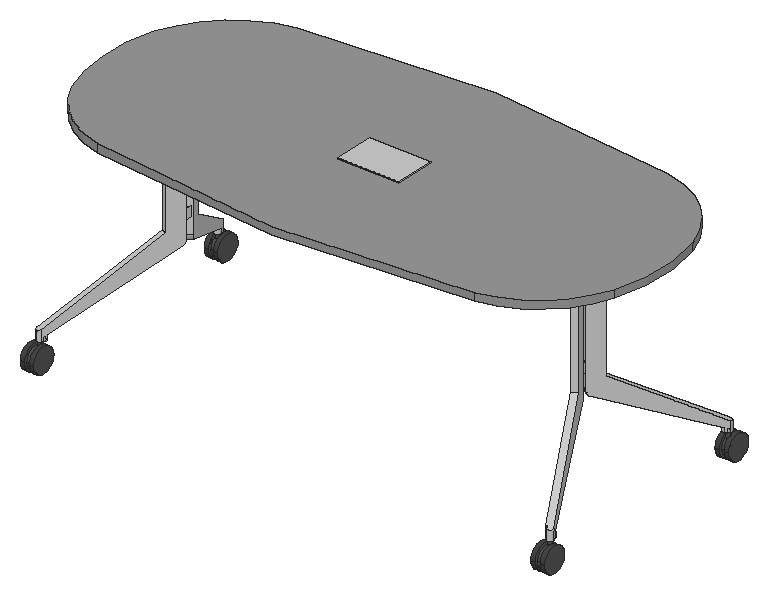
Revit family "Haworth_Planes_CollaborativeTable_Pebble_AP_PRELIMINARY", category Furniture, Revit 2019
Family settings
  OmniClass Number = 23.40.70.14.64.21
  OmniClass Title = Systems Furniture
  Work Plane-Based = No
  Always vertical = Yes
  Cut with Voids When Loaded = No
  Shared = No
  Room Calculation Point = No
Parameters (values of type "1800w x 900d")
  Width = 1800 mm
  Warranty = "http://www.haworth.com/resources/product-info/warranties"
  URL - Product = "https://www.haworth.com/ap/en/products/conference-tables/planes-0.html"
  Trim Finish = Haworth _ Polymer _ Undecided
  Top Finish [instance] = Haworth _ Laminate _ Undecided _ Tables
  Support Finish [instance] = Haworth _ Paint _ Undecided _ Table
  Small = Depth = 750 mm  # no
  Screen Width = Actual Width - 500 mm  # 1300 mm
  Model = "WOPLTAP"  # constant formula
  Min. Width = 1500 mm  # constant formula
  Min. Depth = 750 mm  # constant formula
  Max. Width = 1800 mm  # constant formula
  Max. Depth = 900 mm  # constant formula
  Leg Height = Actual Height - 25 mm  # 715 mm
  Large = Depth = 900 mm  # yes
  Glides = no
  Flip Top Finish = Haworth _ Paint _ Undecided _ Table
  Flip Top = yes
  Description = "Haworth - Planes - Collaborative Table - Pebble"  # constant formula
  URL = "https://www.haworth.com/ap/en.html"
  Size = "Verify Final Dim. w/ Haworth"  # constant formula
  Revision Number = "1"  # constant formula
  Manufacturer = "Haworth"  # constant formula
  Depth = 900 mm
  Casters = not(Glides)  # yes
  Caster Finish = Haworth _ Polymer _ Black
  Author = "Haworth (Abd Rahman)"  # constant formula
  Assembly Code = "E2020200"
  Actual Width = if(Width > Max. Width, Max. Width, if(Width < Min. Width, Min. Width, Width))  # 1800 mm
  Actual Height = 740 mm  # constant formula
  Actual Depth = if(Depth > Max. Depth, Max. Depth, if(Depth < Min. Depth, Min. Depth, Depth))  # 900 mm
  1800w x 900d = yes
  1800w x 750d = no
  1600w x 900d = no
  1600w x 750d = no
  1500w x 900d = no
  1500w x 750d = no
Reference planes
  plane 1 "Center F/B": y = 0
  plane 2: z = 0
  plane 3 "Top": z = 740
  plane 4: x = 0
  plane 5: z = 715
  plane 6: x = -900
  plane 7: x = 900
  plane 8: y = 450
  plane 9: y = -450
  plane 10: x = -640
  plane 11: x = 640
  plane 12: y = -400
  plane 13: x = 850
  plane 14: y = 400
  plane 15: x = -850
Dimensions and locks
  "Actual Height": plane 3 "Top" to level
  "Actual Width": plane 6 to plane 7
  equal spacing: plane 6, plane 4, plane 7
  equal spacing: plane 8, plane 1 "Center F/B", plane 9
  "Actual Depth": plane 8 to plane 9
  locked: plane 3 "Top" to plane 5 at 25
  plane 6 to plane 10 = 260 mm
  plane 11 to plane 7 = 260 mm
  locked: plane 6 to plane 15 at 50
  locked: plane 13 to plane 7 at 50
  locked: plane 12 to plane 9 at 50
  locked: plane 14 to plane 8 at 50
  aligned and locked: nested 1 to plane 4
  aligned and locked: plane 1 "Center F/B" to nested 1
  aligned and locked: plane 3 "Top" to nested 1
  aligned and locked: nested 2 to plane 10
  aligned and locked: nested 3 to plane 11
  aligned and locked: nested 3 to plane 1 "Center F/B"
  aligned and locked: plane 1 "Center F/B" to nested 2
  aligned and locked: plane 2 to nested 2
  aligned and locked: plane 2 to nested 3
  aligned and locked: nested 4 to plane 4
  aligned and locked: plane 1 "Center F/B" to nested 4
  aligned and locked: plane 5 to nested 4
  aligned and locked: nested 5 to plane 4
  aligned and locked: plane 1 "Center F/B" to nested 5
  aligned and locked: nested 5 to plane 3 "Top"
  aligned and locked: nested 6 to plane 10
  aligned and locked: nested 7 to plane 11
  aligned and locked: nested 7 to plane 1 "Center F/B"
  aligned and locked: plane 1 "Center F/B" to nested 6
  aligned and locked: plane 2 to nested 6
  aligned and locked: plane 2 to nested 7
Nested families
  nested 1: "Haworth_Planes_Top_Pebble_AP-PART" at (556.859, 72.1, 5), Top Finish <- "Top Finish", type "Pebble - Top"
    with Top Finish Haworth _ Laminate _ Undecided _ Tables, 1800w x 750d no, 1600w x 900d no, 1600w x 750d no, 1500w x 900d no, 1500w x 750d no
  nested 2: "Haworth_Planes_Leg-Y" at (-640, 0, 0), visible <- "Small", type "Leg"
    with Leg Height 715 mm
  nested 3: "Haworth_Planes_Leg-Y" at (640, 0, 0) x (-1, 0, 0) z (0, 0, 1), visible <- "Small", type "Leg"
    with Leg Height 715 mm
  nested 4: "Haworth_Planes_Beam_Understructure-PART" at (0, 29.1, 0), Support Finish <- "Support Finish", type "Beam Understructure"
    with Support Finish Haworth _ Paint _ Undecided _ Table, Actual Width 1300 mm
  nested 5: "Haworth-Flip Top" at (-14.487, -1.333, -60), visible <- "Flip Top", type "Flip Top - Visio"
    with Actual Width 200 mm, Actual Depth 130 mm
  nested 6: "Haworth_Planes_Leg-Y_Large-PART" at (-640, 0, 0), visible <- "Large", type "Leg"
    with Leg Height 715 mm
  nested 7: "Haworth_Planes_Leg-Y_Large-PART" at (640, 0, 0) x (-1, 0, 0) z (0, 0, 1), visible <- "Large", type "Leg"
    with Leg Height 715 mm
Definition of nested family "Haworth_Planes_Top_Pebble_AP-PART"
  Parameters (values of type "Pebble - Top")
    Warranty = "http://www.haworth.com/resources/product-info/warranties"
    URL - Product = ""
    URL = ""
    Top Finish [instance] = none
    Thickness = 25 mm
    Size = "Verify Final Dim. w/ Haworth"  # constant formula
    Revision Number = "1"  # constant formula
    Model = ""
    Manufacturer = "Haworth"  # constant formula
    Description = ""
    Author = "Haworth (Abd Rahman)"  # constant formula
    Assembly Code = "E2020200"
    Actual Width = 1800 mm
    Actual Mounting Height = 450 mm
    Actual Depth = 900 mm
    1800w x 900d = yes
    1800w x 750d = yes
    1600w x 900d = yes
    1600w x 750d = yes
    1500w x 900d = yes
    1500w x 750d = yes
  Reference planes
    plane 1: z = -5
    plane 2: x = -1456.859
    plane 3: x = 343.141
    plane 4: x = -556.859
    plane 5: y = 377.9
    plane 6: y = -522.1
    plane 7: y = -72.1
    plane 8: z = 735
    plane 9: z = 710
    plane 10: y = 302.9
    plane 11: y = -447.1
  Forms (mm)
    Extrusion 1, solid, material <- "Top Finish", visible <- "1500w x 900d"
      sketch origin (3350.119, 5452.905, -5) x (1, 0, 0) y (0, 1, 0)
        loop
          arc (-4423.707, -5150.269) -> (-4518.933, -5208.322) -> (-4593.3, -5291.435) r 381.478
          arc (-4593.3, -5291.435) -> (-4648.673, -5525) -> (-4593.3, -5758.565) r 520.276
          arc (-4593.3, -5758.565) -> (-4519.476, -5842.33) -> (-4423.707, -5899.731) r 363.434
          arc (-4423.707, -5899.731) -> (-3899.947, -5974.908) -> (-3376.186, -5899.731) r 1862.101
          arc (-3376.186, -5899.731) -> (-3280.948, -5841.693) -> (-3206.594, -5758.565) r 381.039
          arc (-3206.594, -5758.565) -> (-3150.205, -5525) -> (-3206.594, -5291.435) r 511.916
          arc (-3206.594, -5291.435) -> (-3280.703, -5208.013) -> (-3376.186, -5150.269) r 372.68
          arc (-3376.186, -5150.269) -> (-3899.947, -5075.005) -> (-4423.707, -5150.269) r 1860.047
      from 715 to 740
    Extrusion 2, solid, material <- "Top Finish", visible <- "1500w x 750d"
      sketch origin (3343.425, 5400.868, -5) x (1, 0, 0) y (0, 1, 0)
        loop
          arc (-4420.285, -5143.547) -> (-4525.57, -5184.106) -> (-4607.434, -5261.747) r 290.244
          arc (-4607.434, -5261.747) -> (-4657.776, -5472.905) -> (-4607.434, -5684.064) r 468.023
          arc (-4607.434, -5684.064) -> (-4524.451, -5760.459) -> (-4420.908, -5805.195) r 337.029
          arc (-4420.908, -5805.195) -> (-3908.931, -5847.447) -> (-3396.953, -5805.195) r 3122.977
          arc (-3396.953, -5805.195) -> (-3292.347, -5760.14) -> (-3209.972, -5681.485) r 321.987
          arc (-3209.972, -5681.485) -> (-3158.682, -5472.143) -> (-3209.972, -5262.802) r 452.868
          arc (-3209.972, -5262.802) -> (-3285.914, -5190.016) -> (-3380.285, -5143.547) r 344.414
          arc (-3380.285, -5143.547) -> (-3900.285, -5098.692) -> (-4420.285, -5143.547) r 3036.549
      from 715 to 740
    Extrusion 3, solid, material <- "Top Finish", visible <- "1600w x 750d"
      sketch origin (695.334, 5527.509, -5) x (1, 0, 0) y (0, 1, 0)
        loop
          arc (-1814.171, -5267.71) -> (-1918.788, -5312.347) -> (-2001.417, -5390.511) r 322.672
          arc (-2001.417, -5390.511) -> (-2051.509, -5600) -> (-2001.417, -5809.489) r 463.101
          arc (-2001.417, -5809.489) -> (-1918.925, -5887.862) -> (-1814.171, -5932.29) r 318.953
          arc (-1814.171, -5932.29) -> (-1252.193, -5974.873) -> (-690.216, -5932.29) r 3729.519
          arc (-690.216, -5932.29) -> (-586.289, -5887.627) -> (-503.69, -5810.342) r 328.296
          arc (-503.69, -5810.342) -> (-453.585, -5599.592) -> (-503.69, -5388.842) r 468.282
          arc (-503.69, -5388.842) -> (-586.705, -5312.496) -> (-690.216, -5267.71) r 338.02
          arc (-690.216, -5267.71) -> (-1252.193, -5225.332) -> (-1814.171, -5267.71) r 3747.397
      from 715 to 740
    Extrusion 4, solid, material <- "Top Finish", visible <- "1600w x 900d"
      sketch origin (-2095.549, 5603.118, -5) x (1, 0, 0) y (0, 1, 0)
        loop
          arc (1008.697, -5290.825) -> (866.749, -5366.327) -> (777.227, -5499.877) r 330.484
          arc (777.227, -5499.877) -> (746.741, -5671.787) -> (775.092, -5844.062) r 518.074
          arc (775.092, -5844.062) -> (869.919, -5986.888) -> (1022.197, -6065.645) r 341.543
          arc (1022.197, -6065.645) -> (1541.899, -6124.423) -> (2061.789, -6067.328) r 2360.759
          arc (2061.789, -6067.328) -> (2224.018, -5982.502) -> (2322.222, -5828.003) r 354.183
          arc (2322.222, -5828.003) -> (2345.661, -5667.141) -> (2317.274, -5507.077) r 509.836
          arc (2317.274, -5507.077) -> (2225.391, -5368.095) -> (2078.357, -5289.741) r 338.683
          arc (2078.357, -5289.741) -> (1543.461, -5225.22) -> (1008.697, -5290.825) r 2230.717
      from 715 to 740
    Extrusion 5, solid, material <- "Top Finish", visible <- "1800w x 750d"
      sketch origin (-4704.907, 5524.591, -5) x (1, 0, 0) y (0, 1, 0)
        loop
          arc (3486.504, -5267.374) -> (3379.934, -5307.118) -> (3301.007, -5389.016) r 256.633
          arc (3301.007, -5389.016) -> (3249.041, -5566.639) -> (3275.895, -5749.749) r 433.485
          arc (3275.895, -5749.749) -> (3365.033, -5872.117) -> (3504.263, -5931.57) r 285
          arc (3504.263, -5931.57) -> (4159.372, -5973.386) -> (4813.804, -5922.059) r 4626.229
          arc (4813.804, -5922.059) -> (4940.948, -5865.216) -> (5020.515, -5750.911) r 260
          arc (5020.515, -5750.911) -> (5046.692, -5603.273) -> (5024.66, -5454.961) r 466.302
          arc (5024.66, -5454.961) -> (4936.966, -5324.827) -> (4793.035, -5262.308) r 280
          arc (4793.035, -5262.308) -> (4139.605, -5222.44) -> (3486.504, -5267.374) r 5053.647
      from 715 to 740
    Extrusion 6, solid, material <- "Top Finish", visible <- "1800w x 900d"
      sketch origin (-7304.72, 5607.595, -5) x (1, 0, 0) y (0, 1, 0)
        loop
          arc (6142.561, -5280.818) -> (5974.684, -5362.521) -> (5872.826, -5518.992) r 349.479
          arc (5872.826, -5518.992) -> (5849.264, -5698.785) -> (5889.258, -5875.649) r 516.798
          arc (5889.258, -5875.649) -> (5982.986, -6000.267) -> (6124.481, -6065.794) r 320
          arc (6124.481, -6065.794) -> (6738.43, -6124.42) -> (7352.7, -6069.259) r 3342.856
          arc (7352.7, -6069.259) -> (7519.342, -5988.881) -> (7621.724, -5834.775) r 350
          arc (7621.724, -5834.775) -> (7647.482, -5677.616) -> (7623.606, -5520.159) r 510.989
          arc (7623.606, -5520.159) -> (7521.09, -5362.78) -> (7352.181, -5280.637) r 351.576
          arc (7352.181, -5280.637) -> (6747.363, -5225.418) -> (6142.561, -5280.818) r 3334.471
      from 715 to 740
  Lines and regions (mm)
    Masking region 1, visible <- "1500w x 750d"
      outline origin (5483.425, 5400.868, -5) x (1, 0, 0) y (0, 1, 0)
        loop
          arc (-5520.285, -5143.547) -> (-6040.285, -5098.692) -> (-6560.285, -5143.547) r 3036.549
          arc (-6560.285, -5143.547) -> (-6665.57, -5184.106) -> (-6747.434, -5261.747) r 290.244
          arc (-6747.434, -5261.747) -> (-6797.776, -5472.905) -> (-6747.434, -5684.064) r 468.023
          arc (-6747.434, -5684.064) -> (-6664.451, -5760.459) -> (-6560.908, -5805.195) r 337.029
          arc (-6560.908, -5805.195) -> (-6048.931, -5847.447) -> (-5536.953, -5805.195) r 3122.977
          arc (-5536.953, -5805.195) -> (-5432.347, -5760.14) -> (-5349.972, -5681.485) r 321.987
          arc (-5349.972, -5681.485) -> (-5298.682, -5472.143) -> (-5349.972, -5262.802) r 452.868
          arc (-5349.972, -5262.802) -> (-5425.914, -5190.016) -> (-5520.285, -5143.547) r 344.414
    Masking region 2, visible <- "1500w x 900d"
      outline origin (3350.119, 5452.905, -5) x (1, 0, 0) y (0, 1, 0)
        loop
          arc (-3376.186, -5150.269) -> (-3899.947, -5075.005) -> (-4423.707, -5150.269) r 1860.047
          arc (-4423.707, -5150.269) -> (-4518.933, -5208.322) -> (-4593.3, -5291.435) r 381.478
          arc (-4593.3, -5291.435) -> (-4648.673, -5525) -> (-4593.3, -5758.565) r 520.276
          arc (-4593.3, -5758.565) -> (-4519.476, -5842.33) -> (-4423.707, -5899.731) r 363.434
          arc (-4423.707, -5899.731) -> (-3899.947, -5974.908) -> (-3376.186, -5899.731) r 1862.101
          arc (-3376.186, -5899.731) -> (-3280.948, -5841.693) -> (-3206.594, -5758.565) r 381.039
          arc (-3206.594, -5758.565) -> (-3150.205, -5525) -> (-3206.594, -5291.435) r 511.916
          arc (-3206.594, -5291.435) -> (-3280.703, -5208.013) -> (-3376.186, -5150.269) r 372.68
    Masking region 3, visible <- "1600w x 750d"
      outline origin (695.334, 5527.509, -5) x (1, 0, 0) y (0, 1, 0)
        loop
          arc (-690.216, -5267.71) -> (-1252.193, -5225.332) -> (-1814.171, -5267.71) r 3747.397
          arc (-1814.171, -5267.71) -> (-1918.788, -5312.347) -> (-2001.417, -5390.511) r 322.672
          arc (-2001.417, -5390.511) -> (-2051.509, -5600) -> (-2001.417, -5809.489) r 463.101
          arc (-2001.417, -5809.489) -> (-1918.925, -5887.862) -> (-1814.171, -5932.29) r 318.953
          arc (-1814.171, -5932.29) -> (-1252.193, -5974.873) -> (-690.216, -5932.29) r 3729.519
          arc (-690.216, -5932.29) -> (-586.289, -5887.627) -> (-503.69, -5810.342) r 328.296
          arc (-503.69, -5810.342) -> (-453.585, -5599.592) -> (-503.69, -5388.842) r 468.282
          arc (-503.69, -5388.842) -> (-586.705, -5312.496) -> (-690.216, -5267.71) r 338.02
    Masking region 4, visible <- "1600w x 900d"
      outline origin (-2095.549, 5603.118, -5) x (1, 0, 0) y (0, 1, 0)
        loop
          arc (2119.482, -5300.269) -> (1545.721, -5225.218) -> (971.961, -5300.269) r 2230.717
          arc (971.961, -5300.269) -> (876.424, -5357.949) -> (802.368, -5441.435) r 370.916
          arc (802.368, -5441.435) -> (746.731, -5675) -> (802.368, -5908.565) r 518.074
          arc (802.368, -5908.565) -> (898.181, -6009.707) -> (1025.452, -6066.383) r 356.35
          arc (1025.452, -6066.383) -> (1545.721, -6124.426) -> (2065.991, -6066.383) r 2360.759
          arc (2065.991, -6066.383) -> (2192.454, -6008.566) -> (2289.074, -5908.565) r 374.203
          arc (2289.074, -5908.565) -> (2345.722, -5675) -> (2289.074, -5441.435) r 509.836
          arc (2289.074, -5441.435) -> (2214.407, -5358.684) -> (2119.482, -5300.269) r 392.328
    Masking region 5, visible <- "1800w x 750d"
      outline origin (-4704.907, 5524.591, -5) x (1, 0, 0) y (0, 1, 0)
        loop
          arc (4809.784, -5264.454) -> (4148.048, -5222.415) -> (3486.504, -5267.374) r 5053.647
          arc (3486.504, -5267.374) -> (3379.934, -5307.118) -> (3301.007, -5389.016) r 256.633
          arc (3301.007, -5389.016) -> (3247.994, -5596.744) -> (3301.007, -5804.471) r 433.485
          arc (3301.007, -5804.471) -> (3381.343, -5884.669) -> (3485.829, -5929.033) r 298.197
          arc (3485.829, -5929.033) -> (4170.199, -5973.295) -> (4853.592, -5915.898) r 4626.229
          arc (4853.592, -5915.898) -> (4932.888, -5870.976) -> (4997.031, -5806.233) r 332.898
          arc (4997.031, -5806.233) -> (5046.737, -5596.744) -> (4997.031, -5387.254) r 466.302
          arc (4997.031, -5387.254) -> (4914.089, -5309.568) -> (4809.784, -5264.454) r 331.545
    Masking region 6, visible <- "1800w x 900d"
      outline origin (-7304.72, 5607.595, -5) x (1, 0, 0) y (0, 1, 0)
        loop
          arc (7368.13, -5283.617) -> (6747.86, -5225.418) -> (6127.591, -5283.617) r 3334.471
          arc (6127.591, -5283.617) -> (6000.974, -5341.217) -> (5904.507, -5441.435) r 370.648
          arc (5904.507, -5441.435) -> (5848.717, -5675) -> (5904.507, -5908.565) r 516.798
          arc (5904.507, -5908.565) -> (5998.856, -6011.778) -> (6127.591, -6066.383) r 328.421
          arc (6127.591, -6066.383) -> (6747.86, -6124.433) -> (7368.13, -6066.383) r 3342.856
          arc (7368.13, -6066.383) -> (7495.029, -6009.254) -> (7590.871, -5908.351) r 360.843
          arc (7590.871, -5908.351) -> (7647.491, -5674.934) -> (7591.214, -5441.435) r 510.989
          arc (7591.214, -5441.435) -> (7494.937, -5340.947) -> (7368.13, -5283.617) r 366.347
  Dimensions and locks
    equal spacing: plane 2, plane 4, plane 3
    equal spacing: plane 6, plane 7, plane 5
    "Actual Width": plane 2 to plane 3
    "Actual Depth": plane 6 to plane 5
    plane 8 to plane 9 = 25 mm  (x2)
    equal spacing: plane 10, plane 7, plane 11
    plane 10 to plane 11 = 750 mm
    aligned and locked: level to plane 1
    aligned and locked: plane 8 to Extrusion 3
    aligned and locked: plane 8 to Extrusion 4
    aligned and locked: plane 8 to Extrusion 5
    aligned and locked: plane 8 to Extrusion 1
    aligned and locked: plane 8 to Extrusion 2
    aligned and locked: plane 8 to Extrusion 6
    aligned and locked: Extrusion 2 to plane 8
    aligned and locked: Extrusion 1 to plane 8
    aligned and locked: Extrusion 6 to plane 8
    aligned and locked: Extrusion 3 to plane 9
    aligned and locked: Extrusion 4 to plane 9
    aligned and locked: Extrusion 5 to plane 9
    aligned and locked: Extrusion 1 to plane 9
    aligned and locked: Extrusion 6 to plane 9
    aligned and locked: Extrusion 2 to plane 9
  Automatic sketch dimensions
    Extrusion 1 sketch curve to plane 2 = 520.011 mm
    Extrusion 1 sketch curve to Extrusion 1 sketch curve = 12.086 mm
    Extrusion 1 sketch curve to Extrusion 1 sketch curve = 146.485 mm
    Extrusion 1 sketch curve to Extrusion 1 sketch curve = 387.021 mm
    Extrusion 1 sketch curve to Extrusion 1 sketch curve = 228.45 mm
    Extrusion 1 sketch curve to Extrusion 1 sketch curve = 466.276 mm
    Extrusion 1 sketch curve to Extrusion 1 sketch curve = 137.402 mm
    Extrusion 1 sketch curve to Extrusion 1 sketch curve = 5.592 mm
    plane 6 to Extrusion 1 sketch curve = 960.047 mm
    Extrusion 1 sketch curve to Extrusion 1 sketch curve = 1372.051 mm
    Extrusion 1 sketch curve to Extrusion 1 sketch curve = 14.168 mm
    Extrusion 1 sketch curve to Extrusion 1 sketch curve = 23.834 mm
    Extrusion 1 sketch curve to Extrusion 1 sketch curve = 38.002 mm
    Extrusion 1 sketch curve to Extrusion 1 sketch curve = 61.483 mm
    Extrusion 1 sketch curve to Extrusion 1 sketch curve = 54.386 mm
    Extrusion 1 sketch curve to Extrusion 1 sketch curve = 1412.193 mm
    Extrusion 1 sketch curve to Extrusion 1 sketch curve = 148.826 mm
    Extrusion 1 sketch curve to Extrusion 1 sketch curve = 136.739 mm
    Extrusion 1 sketch curve to Extrusion 1 sketch curve = 169.592 mm  (x4)
    Extrusion 1 sketch curve to Extrusion 1 sketch curve = 148.532 mm
    Extrusion 1 sketch curve to Extrusion 1 sketch curve = 142.94 mm
    Extrusion 2 sketch curve to plane 2 = 429.703 mm
    Extrusion 2 sketch curve to Extrusion 2 sketch curve = 29.689 mm
    Extrusion 2 sketch curve to Extrusion 2 sketch curve = 151.139 mm
    Extrusion 2 sketch curve to Extrusion 2 sketch curve = 461.651 mm
    Extrusion 2 sketch curve to Extrusion 2 sketch curve = 289.468 mm
    Extrusion 2 sketch curve to Extrusion 2 sketch curve = 128.089 mm
    Extrusion 2 sketch curve to Extrusion 2 sketch curve = 13.448 mm
    plane 6 to Extrusion 2 sketch curve = 2212.273 mm
    Extrusion 2 sketch curve to Extrusion 2 sketch curve = 13.804 mm
    Extrusion 2 sketch curve to Extrusion 2 sketch curve = 4.897 mm
    Extrusion 2 sketch curve to Extrusion 2 sketch curve = 19.463 mm
    Extrusion 2 sketch curve to Extrusion 2 sketch curve = 0 mm  (x2)
    Extrusion 2 sketch curve to Extrusion 2 sketch curve = 48.299 mm
    Extrusion 2 sketch curve to plane 6 = 3198.498 mm
    Extrusion 2 sketch curve to Extrusion 2 sketch curve = 49.703 mm
    Extrusion 2 sketch curve to Extrusion 2 sketch curve = 80.016 mm
    Extrusion 2 sketch curve to Extrusion 2 sketch curve = 186.526 mm
    Extrusion 2 sketch curve to Extrusion 2 sketch curve = 187.149 mm
    Extrusion 2 sketch curve to Extrusion 2 sketch curve = 73.06 mm
    Extrusion 2 sketch curve to Extrusion 2 sketch curve = 103.177 mm
    Extrusion 2 sketch curve to Extrusion 2 sketch curve = 186.982 mm
    Extrusion 2 sketch curve to Extrusion 2 sketch curve = 170.313 mm
    Extrusion 2 sketch curve to Extrusion 2 sketch curve = 327.392 mm
    Extrusion 3 sketch curve to plane 2 = 408.184 mm
    Extrusion 3 sketch curve to Extrusion 3 sketch curve = 2.176 mm
    Extrusion 3 sketch curve to plane 2 = 563.785 mm
    Extrusion 3 sketch curve to plane 2 = 900 mm  (x2)
    Extrusion 3 sketch curve to Extrusion 3 sketch curve = 151.064 mm
    Extrusion 3 sketch curve to Extrusion 3 sketch curve = 4.868 mm
    plane 6 to Extrusion 3 sketch curve = 2923.12 mm
    Extrusion 3 sketch curve to Extrusion 3 sketch curve = 3351.58 mm
    Extrusion 3 sketch curve to Extrusion 3 sketch curve = 8.304 mm
    Extrusion 3 sketch curve to Extrusion 3 sketch curve = 21.149 mm
    Extrusion 3 sketch curve to Extrusion 3 sketch curve = 13.253 mm
    Extrusion 3 sketch curve to Extrusion 3 sketch curve = 16.862 mm
    Extrusion 3 sketch curve to Extrusion 3 sketch curve = 38.98 mm
    Extrusion 3 sketch curve to plane 6 = 3804.254 mm
    Extrusion 3 sketch curve to Extrusion 3 sketch curve = 70.162 mm
    Extrusion 3 sketch curve to Extrusion 3 sketch curve = 72.338 mm
    Extrusion 3 sketch curve to Extrusion 3 sketch curve = 187.247 mm  (x2)
    plane 4 to Extrusion 3 sketch curve = 561.977 mm  (x2)
    plane 4 to Extrusion 3 sketch curve = 748.504 mm  (x2)
    Extrusion 3 sketch curve to Extrusion 3 sketch curve = 311.14 mm
    Masking region 1 sketch curve to plane 2 = 429.703 mm
    Masking region 1 sketch curve to Masking region 1 sketch curve = 29.689 mm
    Masking region 1 sketch curve to Masking region 1 sketch curve = 151.139 mm
    Masking region 1 sketch curve to Masking region 1 sketch curve = 461.651 mm
    Masking region 1 sketch curve to Masking region 1 sketch curve = 289.468 mm
    Masking region 1 sketch curve to Masking region 1 sketch curve = 578.202 mm
    Masking region 1 sketch curve to Masking region 1 sketch curve = 128.089 mm
    Masking region 1 sketch curve to Masking region 1 sketch curve = 13.448 mm
    plane 6 to Masking region 1 sketch curve = 2212.273 mm
    Masking region 1 sketch curve to Masking region 1 sketch curve = 2643.635 mm
    Masking region 1 sketch curve to Masking region 1 sketch curve = 13.804 mm
    Masking region 1 sketch curve to Masking region 1 sketch curve = 4.897 mm
    Masking region 1 sketch curve to Masking region 1 sketch curve = 19.463 mm  (x2)
    Masking region 1 sketch curve to Masking region 1 sketch curve = 48.299 mm
    Masking region 1 sketch curve to plane 6 = 3198.498 mm
    Masking region 1 sketch curve to Masking region 1 sketch curve = 49.703 mm
    Masking region 1 sketch curve to Masking region 1 sketch curve = 0 mm
    Masking region 1 sketch curve to Masking region 1 sketch curve = 80.016 mm
    Masking region 1 sketch curve to Masking region 1 sketch curve = 186.526 mm
    Masking region 1 sketch curve to Masking region 1 sketch curve = 187.149 mm
    Masking region 1 sketch curve to Masking region 1 sketch curve = 73.06 mm
    Masking region 1 sketch curve to Masking region 1 sketch curve = 103.177 mm
    Masking region 1 sketch curve to Masking region 1 sketch curve = 186.982 mm
    Masking region 2 sketch curve to plane 2 = 520.011 mm
    Masking region 2 sketch curve to Masking region 2 sketch curve = 12.086 mm
    Masking region 2 sketch curve to Masking region 2 sketch curve = 146.485 mm
    Masking region 2 sketch curve to Masking region 2 sketch curve = 387.021 mm
    Masking region 2 sketch curve to Masking region 2 sketch curve = 228.45 mm
    Masking region 2 sketch curve to Masking region 2 sketch curve = 466.276 mm
    Masking region 2 sketch curve to Masking region 2 sketch curve = 137.402 mm
    Masking region 2 sketch curve to Masking region 2 sketch curve = 5.592 mm
    plane 6 to Masking region 2 sketch curve = 960.047 mm
    Masking region 2 sketch curve to Masking region 2 sketch curve = 1372.051 mm
    Masking region 2 sketch curve to Masking region 2 sketch curve = 14.168 mm
    Masking region 2 sketch curve to Masking region 2 sketch curve = 23.834 mm
    Masking region 2 sketch curve to Masking region 2 sketch curve = 38.002 mm
    Masking region 2 sketch curve to Masking region 2 sketch curve = 61.483 mm
    Masking region 2 sketch curve to Masking region 2 sketch curve = 54.386 mm
    Masking region 2 sketch curve to Masking region 2 sketch curve = 1412.193 mm
    Masking region 2 sketch curve to Masking region 2 sketch curve = 148.826 mm
    Masking region 2 sketch curve to Masking region 2 sketch curve = 136.739 mm
    Masking region 2 sketch curve to Masking region 2 sketch curve = 169.592 mm  (x4)
    Masking region 2 sketch curve to Masking region 2 sketch curve = 148.532 mm
    Masking region 2 sketch curve to Masking region 2 sketch curve = 142.94 mm
    Masking region 3 sketch curve to plane 2 = 408.184 mm
    Masking region 3 sketch curve to Masking region 3 sketch curve = 2.176 mm
    Masking region 3 sketch curve to plane 2 = 563.785 mm
    Masking region 3 sketch curve to plane 2 = 900 mm  (x2)
    plane 4 to Masking region 3 sketch curve = 330.326 mm
    Masking region 3 sketch curve to Masking region 3 sketch curve = 151.064 mm
    Masking region 3 sketch curve to Masking region 3 sketch curve = 4.868 mm
    plane 6 to Masking region 3 sketch curve = 2923.12 mm
    Masking region 3 sketch curve to Masking region 3 sketch curve = 3351.58 mm
    Masking region 3 sketch curve to Masking region 3 sketch curve = 8.304 mm
    Masking region 3 sketch curve to Masking region 3 sketch curve = 21.149 mm
    Masking region 3 sketch curve to Masking region 3 sketch curve = 13.253 mm
    Masking region 3 sketch curve to Masking region 3 sketch curve = 16.862 mm
    Masking region 3 sketch curve to Masking region 3 sketch curve = 38.98 mm
    Masking region 3 sketch curve to plane 6 = 3804.254 mm
    Masking region 3 sketch curve to Masking region 3 sketch curve = 72.338 mm
    Masking region 3 sketch curve to Masking region 3 sketch curve = 70.162 mm
    Masking region 3 sketch curve to Masking region 3 sketch curve = 187.247 mm  (x2)
    plane 4 to Masking region 3 sketch curve = 561.977 mm  (x2)
    plane 4 to Masking region 3 sketch curve = 748.504 mm  (x2)
    plane 3 to Masking region 4 sketch curve = 1334.705 mm
    Masking region 4 sketch curve to Masking region 4 sketch curve = 9.734 mm
    Masking region 4 sketch curve to Masking region 4 sketch curve = 151.087 mm
    plane 3 to Masking region 4 sketch curve = 892.968 mm  (x2)
    Masking region 4 sketch curve to Masking region 4 sketch curve = 571.08 mm
    Masking region 4 sketch curve to Masking region 4 sketch curve = 127.529 mm
    Masking region 4 sketch curve to Masking region 4 sketch curve = 12.925 mm
    plane 6 to Masking region 4 sketch curve = 1330.717 mm
    Masking region 4 sketch curve to Masking region 4 sketch curve = 1737.141 mm
    Masking region 4 sketch curve to Masking region 4 sketch curve = 15.716 mm
    Masking region 4 sketch curve to Masking region 4 sketch curve = 28.078 mm
    Masking region 4 sketch curve to Masking region 4 sketch curve = 43.795 mm
    Masking region 4 sketch curve to Masking region 4 sketch curve = 42.859 mm
    Masking region 4 sketch curve to Masking region 4 sketch curve = 75.767 mm
    Masking region 4 sketch curve to Masking region 4 sketch curve = 1879.361 mm
    Masking region 4 sketch curve to Masking region 4 sketch curve = 78.533 mm
    Masking region 4 sketch curve to Masking region 4 sketch curve = 0 mm
    Masking region 4 sketch curve to Masking region 4 sketch curve = 141.758 mm
    Masking region 4 sketch curve to Masking region 4 sketch curve = 223.083 mm  (x2)
    Masking region 4 sketch curve to Masking region 4 sketch curve = 169.592 mm
    Masking region 4 sketch curve to Masking region 4 sketch curve = 89.652 mm
    Masking region 4 sketch curve to Masking region 4 sketch curve = 156.068 mm
    plane 3 to Masking region 5 sketch curve = 1527.383 mm
    Masking region 5 sketch curve to Masking region 5 sketch curve = 27.335 mm
    Masking region 5 sketch curve to Masking region 5 sketch curve = 133.48 mm
    Masking region 5 sketch curve to plane 6 = 4699.411 mm
    plane 3 to Masking region 5 sketch curve = 922.276 mm
    plane 3 to Masking region 5 sketch curve = 888.847 mm
    Masking region 5 sketch curve to Masking region 5 sketch curve = 898.956 mm
    Masking region 5 sketch curve to Masking region 5 sketch curve = 150.261 mm
    Masking region 5 sketch curve to Masking region 5 sketch curve = 1.57 mm
    Masking region 5 sketch curve to Masking region 5 sketch curve = 4174.444 mm
    Masking region 5 sketch curve to Masking region 5 sketch curve = 65.086 mm
    Masking region 5 sketch curve to Masking region 5 sketch curve = 75.02 mm
    Masking region 5 sketch curve to Masking region 5 sketch curve = 9.934 mm
    Masking region 5 sketch curve to Masking region 5 sketch curve = 19.705 mm
    Masking region 5 sketch curve to Masking region 5 sketch curve = 115.666 mm
    Masking region 5 sketch curve to Masking region 5 sketch curve = 4638.66 mm
    Masking region 5 sketch curve to Masking region 5 sketch curve = 34.161 mm
    Masking region 5 sketch curve to Masking region 5 sketch curve = 0 mm
    Masking region 5 sketch curve to Masking region 5 sketch curve = 62.17 mm
    Masking region 5 sketch curve to Masking region 5 sketch curve = 184.822 mm
    Masking region 5 sketch curve to Masking region 5 sketch curve = 185.496 mm
    Masking region 5 sketch curve to Masking region 5 sketch curve = 77.517 mm
    Masking region 5 sketch curve to Masking region 5 sketch curve = 122.895 mm
    Masking region 5 sketch curve to Masking region 5 sketch curve = 187.247 mm
    plane 3 to Masking region 6 sketch curve = 1459.331 mm
    Masking region 6 sketch curve to Masking region 6 sketch curve = 26.506 mm
    Masking region 6 sketch curve to Masking region 6 sketch curve = 150.479 mm
    Masking region 6 sketch curve to Masking region 6 sketch curve = 559.331 mm
    Masking region 6 sketch curve to plane 6 = 3348.118 mm
    Masking region 6 sketch curve to Masking region 6 sketch curve = 532.825 mm
    Masking region 6 sketch curve to Masking region 6 sketch curve = 770.987 mm
    Masking region 6 sketch curve to Masking region 6 sketch curve = 146.858 mm
    Masking region 6 sketch curve to Masking region 6 sketch curve = 2.869 mm
    Masking region 6 sketch curve to Masking region 6 sketch curve = 2858.444 mm
    Masking region 6 sketch curve to Masking region 6 sketch curve = 3.781 mm
    Masking region 6 sketch curve to Masking region 6 sketch curve = 34.538 mm
    Masking region 6 sketch curve to Masking region 6 sketch curve = 31.198 mm
    Masking region 6 sketch curve to Masking region 6 sketch curve = 74.937 mm
    Masking region 6 sketch curve to Masking region 6 sketch curve = 99.863 mm
    Masking region 6 sketch curve to Masking region 6 sketch curve = 2816.224 mm
    Masking region 6 sketch curve to Masking region 6 sketch curve = 87.445 mm
    Masking region 6 sketch curve to Masking region 6 sketch curve = 60.939 mm
    Masking region 6 sketch curve to Masking region 6 sketch curve = 0 mm
    Masking region 6 sketch curve to Masking region 6 sketch curve = 223.083 mm  (x2)
    Masking region 6 sketch curve to Masking region 6 sketch curve = 81.901 mm
    Masking region 6 sketch curve to Masking region 6 sketch curve = 84.77 mm
    Masking region 6 sketch curve to Masking region 6 sketch curve = 222.741 mm
    Extrusion 6 sketch curve to plane 4 = 0 mm  (x2)
    Extrusion 6 sketch curve to plane 7 = 4.695 mm
    Extrusion 6 sketch curve to plane 4 = 382.346 mm
    Extrusion 6 sketch curve to plane 7 = 55.204 mm
    Extrusion 6 sketch curve to Extrusion 6 sketch curve = 159.513 mm
    plane 7 to Extrusion 6 sketch curve = 71.713 mm
    Extrusion 6 sketch curve to Extrusion 6 sketch curve = 21.847 mm
    Extrusion 6 sketch curve to plane 7 = 5.135 mm
    plane 4 to Extrusion 6 sketch curve = 388.641 mm
    plane 7 to Extrusion 6 sketch curve = 45.341 mm
    plane 6 to Extrusion 6 sketch curve = 2430.195 mm
    Extrusion 6 sketch curve to plane 5 = 2448.118 mm
    plane 10 to Extrusion 6 sketch curve = 23.877 mm
    Extrusion 6 sketch curve to Extrusion 6 sketch curve = 0 mm  (x6)
    Extrusion 6 sketch curve to plane 11 = 11.1 mm
    Extrusion 6 sketch curve to plane 7 = 53.303 mm
    Extrusion 6 sketch curve to Extrusion 6 sketch curve = 151.961 mm
    Extrusion 6 sketch curve to Extrusion 6 sketch curve = 0.91 mm
    Extrusion 4 sketch curve to plane 7 = 63.629 mm
    Extrusion 4 sketch curve to plane 2 = 449.568 mm
    plane 7 to Extrusion 4 sketch curve = 57.388 mm
    Extrusion 4 sketch curve to Extrusion 4 sketch curve = 9.68 mm
    Extrusion 4 sketch curve to plane 7 = 0.219 mm  (x2)
    plane 4 to Extrusion 4 sketch curve = 7.032 mm  (x2)
    plane 4 to Extrusion 4 sketch curve = 297.196 mm
    plane 7 to Extrusion 4 sketch curve = 46.493 mm
    Extrusion 4 sketch curve to Extrusion 4 sketch curve = 148.479 mm
    Extrusion 4 sketch curve to plane 7 = 56.591 mm
    Extrusion 4 sketch curve to Extrusion 4 sketch curve = 13.125 mm
    plane 6 to Extrusion 4 sketch curve = 1330.717 mm
    Extrusion 4 sketch curve to plane 5 = 1461.552 mm
    Extrusion 4 sketch curve to plane 11 = 15.427 mm
    Extrusion 4 sketch curve to Extrusion 4 sketch curve = 0 mm  (x6)
    plane 10 to Extrusion 4 sketch curve = 9.393 mm
    Extrusion 4 sketch curve to Extrusion 4 sketch curve = 166.868 mm
    Extrusion 5 sketch curve to plane 7 = 74.968 mm
    Extrusion 5 sketch curve to plane 2 = 272.617 mm
    plane 7 to Extrusion 5 sketch curve = 52.463 mm
    Extrusion 5 sketch curve to Extrusion 5 sketch curve = 21.887 mm
    plane 7 to Extrusion 5 sketch curve = 0.053 mm  (x2)
    Extrusion 5 sketch curve to Extrusion 5 sketch curve = 138.928 mm
    Extrusion 5 sketch curve to plane 4 = 22.276 mm
    plane 4 to Extrusion 5 sketch curve = 11.153 mm
    plane 4 to Extrusion 5 sketch curve = 432.388 mm
    plane 7 to Extrusion 5 sketch curve = 68.259 mm
    plane 6 to Extrusion 5 sketch curve = 4229.358 mm
    Extrusion 5 sketch curve to plane 5 = 3799.411 mm
    plane 11 to Extrusion 5 sketch curve = 40.121 mm
    Extrusion 5 sketch curve to Extrusion 5 sketch curve = 0 mm  (x5)
    Extrusion 5 sketch curve to plane 10 = 45.683 mm
    Extrusion 5 sketch curve to plane 2 = 52.96 mm
    Extrusion 5 sketch curve to plane 7 = 56.594 mm
    Extrusion 5 sketch curve to Extrusion 5 sketch curve = 177.481 mm
    Extrusion 5 sketch curve to Extrusion 5 sketch curve = 17.219 mm
Definition of nested family "Haworth_Planes_Leg-Y"
  Parameters (values of type "Leg")
    Leg Height = 774.7 mm
    Leg Finish = none
    Glides = no
    Casters = yes
    Caster Finish = none
    Assembly Code = ""
  Reference planes
    plane 1 "Center (Front/Back)": y = 0
    plane 2: z = 0
    plane 3 "Center (Left/Right)": x = 0
    plane 4 "Top of Leg": z = 774.7
    plane 5 "Y Leg Stand": x = -149.225
    plane 6 "Left Y Leg": through (-4.476, 15.493, 1219.2) normal (-0.8829, -0.4695, 0)
    plane 7 "Left Post": x = -14.287
    plane 8 "Left Support": y = 287.729
    plane 9: through (-4.476, -15.493, 1219.2) normal (0.8829, -0.4695, 0)
    plane 10: y = -287.729
  Forms (mm)
    Extrusion 1, solid, material <- "Leg Finish"
      sketch origin (-13.106, 0, 0) x (1, 0, 0) y (0, 0, 1)
        loop
          line (7.144, 346.075) -> (7.144, 377.825) -> (-1.181, 377.825) -> (-1.181, 346.075) -> (7.144, 346.075)
      from -25.4 to 25.4
    Extrusion 2, solid, material <- "Leg Finish"
      sketch origin (-4.476, 15.493, 1219.2) x (0.469468, -0.88295, 0) y (0, 0, -1)
        loop
          line (-50.8, 882.657) -> (-50.8, 444.5) -> (0, 444.5) -> (0, 873.308) -> (-2.538, 909.601)
          arc (-2.538, 909.601) -> (-6.012, 920.969) -> (-14.114, 929.665) r 26.437
          line (-14.114, 929.665) -> (-299.087, 1116.593) -> (-321.132, 1116.593) -> (-321.132, 1102.547) -> (-50.8, 882.657)
      from -11.113 to 11.113
    Extrusion 3, void
      sketch origin (18.686, 21.929, 0) x (0.88295, 0.469468, 0) y (-0.469468, 0.88295, 0)
        loop
          arc (-34.584, 313.517) -> (-23.472, 324.63) -> (-12.359, 313.517) r 11.112
          line (-12.359, 313.517) -> (-7.908, 313.517) -> (-7.908, 327.429) -> (-39.035, 327.429) -> (-39.035, 313.517) -> (-34.584, 313.517)
      from 81.937 to 140.104
    Revolve 4, solid, material <- "Leg Finish", visible <- "Glides"
      sketch origin (-149.466, -1.061, 0) x (-0.000803, -1, 0) y (0, 0, 1)
        loop
          line (-288.79, 87.312) -> (-288.79, 0) -> (-263.39, 0) -> (-263.39, 4.762) -> (-277.678, 4.762) -> (-277.678, 87.312) -> (-288.79, 87.312)
        axis (-288.79, 87.312) -> (-288.79, 0)
      angle from 0 to 360
    Extrusion 5, solid, material <- "Leg Finish"
      sketch origin (18.686, 21.929, 0) x (0.88295, 0.469468, 0) y (-0.469468, 0.88295, 0)
        loop
          circle (-23.472, 313.517) r 11.112
      from 87.312 to 102.607
    Extrusion 6, solid, material <- "Leg Finish"
      sketch origin (-4.476, -15.493, 1219.2) x (0.469468, 0.88295, 0) y (0, 0, 1)
        loop
          line (-50.8, -882.657) -> (-321.132, -1102.547) -> (-321.132, -1116.593) -> (-299.087, -1116.593) -> (-14.114, -929.665)
          arc (-14.114, -929.665) -> (-6.012, -920.969) -> (-2.538, -909.601) r 26.437
          line (-2.538, -909.601) -> (0, -873.308) -> (0, -444.5) -> (-50.8, -444.5) -> (-50.8, -882.657)
      from -11.113 to 11.113
    Extrusion 7, void
      sketch origin (18.686, -21.929, 0) x (0.88295, -0.469468, 0) y (0.469468, 0.88295, 0)
        loop
          line (-34.584, -313.517) -> (-39.035, -313.517) -> (-39.035, -327.429) -> (-7.908, -327.429) -> (-7.908, -313.517) -> (-12.359, -313.517)
          arc (-12.359, -313.517) -> (-23.472, -324.63) -> (-34.584, -313.517) r 11.112
      from 81.937 to 140.104
    Revolve 8, solid, material <- "Leg Finish", visible <- "Glides"
      sketch origin (-149.448, 1.061, 0) x (-0.000803, 1, 0) y (0, 0, -1)
        loop
          line (-288.79, -87.312) -> (-277.678, -87.312) -> (-277.678, -4.762) -> (-263.39, -4.762) -> (-263.39, 0) -> (-288.79, 0) -> (-288.79, -87.312)
        axis (-288.79, -87.312) -> (-288.79, 0)
      angle from 0 to 360
    Extrusion 9, solid, material <- "Leg Finish"
      sketch origin (18.686, -21.929, 0) x (0.88295, -0.469468, 0) y (0.469468, 0.88295, 0)
        loop
          circle (-23.472, -313.517) r 11.112
      from 87.312 to 102.607
  Cuts and joins
    Extrusion 3, Extrusion 7 cuts Extrusion 1
    Extrusion 3, Extrusion 7 cuts Extrusion 2
    Extrusion 7 cuts Extrusion 5
    Extrusion 7 cuts Extrusion 6
    Extrusion 7 cuts Extrusion 9
    joined: Extrusion 1, Extrusion 2, Extrusion 5, Extrusion 6, Extrusion 9
    Extrusion 7 cuts Revolve 4
    Extrusion 7 cuts Revolve 8
  Dimensions and locks
    "Leg Height": plane 4 "Top of Leg" to level
    plane 5 "Y Leg Stand" to plane 3 "Center (Left/Right)" = 149.225 mm
    locked: plane 7 "Left Post" to plane 3 "Center (Left/Right)" at 14.288
  Automatic sketch dimensions
    plane 7 "Left Post" to Extrusion 1 sketch curve = 0 mm
    Extrusion 1 sketch curve to plane 3 "Center (Left/Right)" = 5.962 mm
    level to Extrusion 1 sketch curve = 346.075 mm
    Extrusion 1 sketch curve to Extrusion 1 sketch curve = 31.75 mm
    plane 4 "Top of Leg" to Extrusion 2 sketch curve = 0 mm
    Extrusion 2 sketch curve to level = 116.653 mm
    Extrusion 2 sketch curve to level = 102.607 mm
    Extrusion 2 sketch curve to Extrusion 2 sketch curve = 22.044 mm
    Extrusion 2 sketch curve to Extrusion 2 sketch curve = 270.332 mm
    Extrusion 2 sketch curve to Extrusion 2 sketch curve = 21.89 mm
    Extrusion 2 sketch curve to level = 289.535 mm
    Extrusion 2 sketch curve to Extrusion 2 sketch curve = 14.796 mm
    Extrusion 2 sketch curve to level = 309.599 mm
    Extrusion 2 sketch curve to Extrusion 2 sketch curve = 11.576 mm
    Extrusion 2 sketch curve to Extrusion 2 sketch curve = 50.8 mm
    Extrusion 2 sketch curve to Extrusion 2 sketch curve = 25.1 mm
    Extrusion 2 sketch curve to Extrusion 2 sketch curve = 36.294 mm
    Extrusion 3 sketch curve to plane 5 "Y Leg Stand" = 0 mm
    Extrusion 3 sketch curve to plane 6 "Left Y Leg" = 0 mm
    Extrusion 3 sketch curve to plane 6 "Left Y Leg" = 11.112 mm
    Extrusion 3 sketch curve to Extrusion 3 sketch curve = 4.451 mm  (x2)
    Extrusion 3 sketch curve to Extrusion 3 sketch curve = 13.912 mm
    Revolve 4 sketch curve to level = 0 mm
    level to Revolve 4 sketch curve = 87.093 mm
    Revolve 4 sketch curve to Revolve 4 sketch curve = 0 mm
    level to Revolve 4 sketch curve = 4.763 mm
    Revolve 4 sketch curve to Revolve 4 sketch curve = 11.113 mm
    Revolve 4 sketch curve to Revolve 4 sketch curve = 14.287 mm
    Revolve 4 sketch curve to level = 27.207 mm
    Revolve 4 sketch curve to Revolve 4 sketch curve = 0.22 mm
    Extrusion 5 sketch curve to plane 5 "Y Leg Stand" = 0 mm
    Extrusion 5 sketch curve to plane 6 "Left Y Leg" = 0 mm
    Extrusion 6 sketch curve to plane 4 "Top of Leg" = 0 mm
    level to Extrusion 6 sketch curve = 116.653 mm
    level to Extrusion 6 sketch curve = 102.607 mm
    Extrusion 6 sketch curve to Extrusion 6 sketch curve = 22.044 mm
    Extrusion 6 sketch curve to Extrusion 6 sketch curve = 270.332 mm
    Extrusion 6 sketch curve to Extrusion 6 sketch curve = 21.89 mm
    level to Extrusion 6 sketch curve = 289.535 mm
    Extrusion 6 sketch curve to Extrusion 6 sketch curve = 14.796 mm
    level to Extrusion 6 sketch curve = 309.599 mm
    Extrusion 6 sketch curve to Extrusion 6 sketch curve = 11.576 mm
    Extrusion 6 sketch curve to Extrusion 6 sketch curve = 50.8 mm
    Extrusion 6 sketch curve to Extrusion 6 sketch curve = 25.1 mm
    Extrusion 6 sketch curve to Extrusion 6 sketch curve = 36.294 mm
    Extrusion 7 sketch curve to plane 5 "Y Leg Stand" = 0 mm
    plane 9 to Extrusion 7 sketch curve = 0 mm
    plane 9 to Extrusion 7 sketch curve = 11.112 mm
    Extrusion 7 sketch curve to Extrusion 7 sketch curve = 4.451 mm  (x2)
    Extrusion 7 sketch curve to Extrusion 7 sketch curve = 13.912 mm
    Revolve 8 sketch curve to level = 0 mm
    level to Revolve 8 sketch curve = 87.093 mm
    Revolve 8 sketch curve to Revolve 8 sketch curve = 0 mm
    level to Revolve 8 sketch curve = 4.763 mm
    Revolve 8 sketch curve to Revolve 8 sketch curve = 11.113 mm
    Revolve 8 sketch curve to Revolve 8 sketch curve = 14.287 mm
    Revolve 8 sketch curve to Revolve 8 sketch curve = 0.22 mm
    Revolve 8 sketch curve to level = 27.207 mm
    Extrusion 9 sketch curve to plane 5 "Y Leg Stand" = 0 mm
    plane 9 to Extrusion 9 sketch curve = 0 mm
    radius of Extrusion 5 sketch curve = 11.112 mm
    radius of Extrusion 9 sketch curve = 11.112 mm
  Nested families
    nested 1: "Haworth_3in Caster" at (-149.225, 287.729, 0), visible <- "Casters", type "Haworth_3in Caster"
    nested 2: "Haworth_3in Caster" at (-149.225, -287.729, 0), visible <- "Casters", type "Haworth_3in Caster"
  Definition of nested family "Haworth_3in Caster"
    Parameters
      Glides = yes
      Caster Finish = none
      Cart Leg Finish = none
      Assembly Code = ""
    Reference planes
      plane 1 "Center (Front/Back)": y = 0
      plane 2: z = 0
      plane 3 "Center (Left/Right)": x = 0
    Forms (mm)
      Extrusion 1, solid
        sketch origin (0, 0, -0.538) x (0, 1, 0) y (0, 0, 1)
          loop
            circle (-12.369, 40.225) r 39.688
        from 22.225 to 7.938
      Extrusion 2, solid
        sketch origin (0, 0, -0.538) x (0, 1, 0) y (0, 0, 1)
          loop
            circle (-12.369, 40.225) r 39.688
        from -22.225 to -7.938
      Extrusion 3, solid
        sketch origin (0, 0, 0) x (0, 1, 0) y (0, 0, 1)
          loop
            circle (-12.369, 39.687) r 33.338
        from -7.938 to 7.938
      Extrusion 4, solid
        sketch origin (0, 0, 0) x (1, 0, 0) y (0, 1, 0)
          loop
            circle (0, 0) r 6.35
        from 61.913 to 87.313
    Cuts and joins
      joined: Extrusion 3, Extrusion 4
    Dimensions and locks
      plane 3 "Center (Left/Right)" to Extrusion 2 = 7.938 mm
      Extrusion 1 to plane 3 "Center (Left/Right)" = 22.225 mm
Definition of nested family "Haworth_Planes_Beam_Understructure-PART"
  Parameters (values of type "Beam Understructure")
    Support Finish [instance] = none
    Assembly Code = ""
    Actual Width = 1400 mm
    Actual Depth = 133 mm  # constant formula
  Reference planes
    plane 1 "Center (Front/Back)": y = -29.1
    plane 2: z = 0
    plane 3 "Center (Left/Right)": x = 0
    plane 4: z = 715
    plane 5: x = -700
    plane 6: x = 700
    plane 7: z = 635
    plane 8: y = 37.4
    plane 9: y = -95.6
  Forms (mm)
    Extrusion 1, solid, material <- "Support Finish"
      sketch origin (0, -102.4, 16.467) x (0, 1, 0) y (0, 0, 1)
        loop
          arc (110.838, 646.415) -> (111.458, 647.913) -> (112.956, 648.533) r 2.118
          line (112.956, 648.533) -> (131.591, 648.533)
          arc (131.591, 648.533) -> (137.423, 650.949) -> (139.838, 656.78) r 8.247
          line (139.838, 656.78) -> (139.838, 689.631)
          arc (139.838, 689.631) -> (137.231, 695.926) -> (130.936, 698.533) r 8.902
          line (130.936, 698.533) -> (121.938, 698.533)
          arc (121.938, 698.533) -> (120.453, 697.918) -> (119.838, 696.433) r 2.1
          line (119.838, 696.433) -> (119.838, 652.533) -> (118.839, 651.533) -> (112.838, 651.533)
          arc (112.838, 651.533) -> (109.302, 650.069) -> (107.838, 646.533) r 5
          line (107.838, 646.533) -> (107.838, 623.698)
          arc (107.838, 623.698) -> (107.204, 622.167) -> (105.674, 621.533) r 2.164
          line (105.674, 621.533) -> (40.925, 621.533)
          arc (40.925, 621.533) -> (39.449, 622.145) -> (38.838, 623.621) r 2.088
          line (38.838, 623.621) -> (38.838, 646.533)
          arc (38.838, 646.533) -> (37.373, 650.069) -> (33.838, 651.533) r 5
          line (33.838, 651.533) -> (27.838, 651.533) -> (26.838, 652.533) -> (26.838, 696.483)
          arc (26.838, 696.483) -> (26.238, 697.933) -> (24.789, 698.533) r 2.05
          line (24.789, 698.533) -> (15.348, 698.533)
          arc (15.348, 698.533) -> (9.331, 696.041) -> (6.838, 690.024) r 8.509
          line (6.838, 690.024) -> (6.838, 656.933)
          arc (6.838, 656.933) -> (9.299, 650.993) -> (15.239, 648.533) r 8.4
          line (15.239, 648.533) -> (33.79, 648.533)
          arc (33.79, 648.533) -> (35.238, 647.933) -> (35.838, 646.485) r 2.048
          line (35.838, 646.485) -> (35.838, 623.876)
          arc (35.838, 623.876) -> (37.403, 620.098) -> (41.18, 618.533) r 5.343
          line (41.18, 618.533) -> (105.838, 618.533)
          arc (105.838, 618.533) -> (109.373, 619.997) -> (110.838, 623.533) r 5
          line (110.838, 623.533) -> (110.838, 646.415)
      from -700 to 700
  Lines and regions (mm)
    Masking region 1
      outline origin (0, 0, 0) x (1, 0, 0) y (0, 1, 0)
        loop
          line (-700, 37.4) -> (-700, -95.6) -> (700, -95.6) -> (700, 37.4) -> (-700, 37.4)
  Dimensions and locks
    "Actual Width": plane 5 to plane 6
    equal spacing: plane 5, plane 3 "Center (Left/Right)", plane 6
    plane 7 to plane 4 = 80 mm
    equal spacing: plane 8, plane 1 "Center (Front/Back)", plane 9
    "Actual Depth": plane 8 to plane 9
    locked: plane 4 to plane 7 at 80
    aligned and locked: Extrusion 1 to plane 5
    aligned and locked: plane 6 to Extrusion 1
    aligned and locked: plane 9 to Masking region 1 sketch curve
    aligned and locked: Masking region 1 sketch curve to plane 8
    aligned and locked: Masking region 1 sketch curve to plane 6
    aligned and locked: plane 5 to Masking region 1 sketch curve
  Automatic sketch dimensions
    plane 1 "Center (Front/Back)" to Extrusion 1 sketch curve = 66.461 mm
    Extrusion 1 sketch curve to Extrusion 1 sketch curve = 8.4 mm
    Extrusion 1 sketch curve to Extrusion 1 sketch curve = 8.509 mm
    Extrusion 1 sketch curve to Extrusion 1 sketch curve = 9.441 mm
    Extrusion 1 sketch curve to Extrusion 1 sketch curve = 11.6 mm
    Extrusion 1 sketch curve to Extrusion 1 sketch curve = 1 mm  (x4)
    Extrusion 1 sketch curve to Extrusion 1 sketch curve = 5.952 mm
    Extrusion 1 sketch curve to Extrusion 1 sketch curve = 0.048 mm  (x2)
    Extrusion 1 sketch curve to Extrusion 1 sketch curve = 2.048 mm
    Extrusion 1 sketch curve to Extrusion 1 sketch curve = 3 mm  (x2)
    Extrusion 1 sketch curve to Extrusion 1 sketch curve = 2.088 mm
    Extrusion 1 sketch curve to Extrusion 1 sketch curve = 0.255 mm
    Extrusion 1 sketch curve to Extrusion 1 sketch curve = 64.493 mm
    Extrusion 1 sketch curve to Extrusion 1 sketch curve = 0.164 mm
    Extrusion 1 sketch curve to Extrusion 1 sketch curve = 2 mm  (x2)
    Extrusion 1 sketch curve to Extrusion 1 sketch curve = 0.118 mm  (x2)
    Extrusion 1 sketch curve to Extrusion 1 sketch curve = 6 mm
    Extrusion 1 sketch curve to Extrusion 1 sketch curve = 2.1 mm
    Extrusion 1 sketch curve to Extrusion 1 sketch curve = 8.998 mm
    Extrusion 1 sketch curve to Extrusion 1 sketch curve = 11.753 mm
    Extrusion 1 sketch curve to Extrusion 1 sketch curve = 8.902 mm
    Extrusion 1 sketch curve to plane 4 = 80 mm
    Extrusion 1 sketch curve to Extrusion 1 sketch curve = 2.343 mm
    Extrusion 1 sketch curve to Extrusion 1 sketch curve = 22.882 mm
    Extrusion 1 sketch curve to Extrusion 1 sketch curve = 22.61 mm
    Extrusion 1 sketch curve to plane 4 = 8.902 mm
    Extrusion 1 sketch curve to plane 4 = 8.509 mm
Definition of nested family "Haworth-Flip Top"
  Parameters (values of type "Flip Top - Visio")
    Warranty = ""
    URL - Product = ""
    URL = ""
    Sustainability Info = ""
    Size = "Verify Final Dim. w/ Haworth"  # constant formula
    Single Sided = no
    Single Sided Wide = yes
    Revision Number = ""
    OmniClass Number = ""
    Material Options = ""
    Manufacturer = "Haworth"  # constant formula
    LEED Data = ""
    Flip Top Height = 25 mm
    Flip Top Finish = none
    Double Sided = no
    Double Sided Wide = no
    Author = "SHAPE Environments, LLC"  # constant formula
    Assembly Code = ""
    Actual Width = 500 mm
    Actual Height = 800 mm
    Actual Depth = 110 mm
  Reference planes
    plane 1 "Center F/B": y = 1.333
    plane 2: z = 0
    plane 3 "Center L/R": x = 14.487
    plane 4 "Back": y = 56.333
    plane 5 "Right": x = 264.487
    plane 6 "Front": y = -53.667
    plane 7 "Left": x = -235.513
    plane 8 "Table Height": z = 800
    plane 9: z = 775
  Forms (mm)
    Extrusion 1, solid, material <- "Flip Top Finish"
      sketch origin (0, 0, 800) x (-1, 0, 0) y (0, -1, 0)
        loop
          line (235.513, -56.333) -> (235.513, 53.667) -> (-264.487, 53.667) -> (-264.487, -56.333) -> (235.513, -56.333)
      from 0 to 3.175
    Extrusion 2, solid, material <- "Flip Top Finish"
      sketch origin (0, 0, 800) x (-1, 0, 0) y (0, -1, 0)
        loop
          line (232.338, -51.571) -> (232.338, 48.904) -> (-261.312, 48.904) -> (-261.312, -51.571) -> (232.338, -51.571)
      from 0 to -25
  Cuts and joins
    joined: Extrusion 1, Extrusion 2
  Lines and regions (mm)
    symbolic lines
      curve 1: line (-235.513, 56.333, 800) -> (264.487, 56.333, 800)
      curve 2: line (-235.513, -53.667, 800) -> (-235.513, 56.333, 800)
      curve 3: line (264.487, -53.667, 800) -> (-235.513, -53.667, 800)
      curve 4: line (264.487, 56.333, 800) -> (264.487, -53.667, 800)
  Dimensions and locks
    equal spacing: plane 7 "Left", plane 3 "Center L/R", plane 5 "Right"
    "Actual Width": plane 7 "Left" to plane 5 "Right"
    equal spacing: plane 6 "Front", plane 1 "Center F/B", plane 4 "Back"
    "Actual Depth": plane 4 "Back" to plane 6 "Front"
    plane 7 "Left" to Extrusion 2 sketch curve = 3.175 mm
    plane 4 "Back" to Extrusion 2 sketch curve = 4.762 mm
    Extrusion 2 sketch curve to plane 5 "Right" = 3.175 mm
    Extrusion 2 sketch curve to plane 6 "Front" = 4.763 mm
    "Actual Height": plane 8 "Table Height" to level
    "Flip Top Height": plane 8 "Table Height" to plane 9
    aligned and locked: plane 7 "Left" to Extrusion 1 sketch curve
    aligned and locked: Extrusion 1 sketch curve to plane 4 "Back"
    aligned and locked: Extrusion 1 sketch curve to plane 6 "Front"
    aligned and locked: Extrusion 1 sketch curve to plane 5 "Right"
    aligned and locked: cut or joined group of Extrusion 1, Extrusion 2 to plane 9
  Automatic sketch dimensions
    curve 4 to plane 5 "Right" = 0 mm
    curve 2 to plane 4 "Back" = 0 mm
    curve 2 to plane 7 "Left" = 0 mm
    curve 4 to plane 6 "Front" = 0 mm
Definition of nested family "Haworth_Planes_Leg-Y_Large-PART"
  Parameters (values of type "Leg")
    Leg Height = 774.7 mm
    Leg Finish = none
    Glides = no
    Casters = yes
    Caster Finish = none
    Assembly Code = ""
  Reference planes
    plane 1 "Center (Front/Back)": y = 0
    plane 2: z = 0
    plane 3 "Center (Left/Right)": x = 0
    plane 4 "Top of Leg": z = 774.7
    plane 5 "Y Leg Stand": x = -149.225
    plane 6 "Left Y Leg": through (-4.476, 15.493, 1219.2) normal (-0.8829, -0.4695, 0)
    plane 7 "Left Post": x = -14.287
    plane 8 "Left Support": y = 284.554
    plane 9: through (-4.476, -15.493, 1219.2) normal (0.8829, -0.4695, 0)
    plane 10: y = -287.729
  Forms (mm)
    Extrusion 1, solid, material <- "Leg Finish"
      sketch origin (-7.55, 0, 0) x (1, 0, 0) y (0, 0, 1)
        loop
          line (7.144, 346.075) -> (7.144, 377.825) -> (-1.181, 377.825) -> (-1.181, 346.075) -> (7.144, 346.075)
      from -25.4 to 25.4
    Extrusion 2, solid, material <- "Leg Finish"
      sketch origin (-4.476, -15.493, 1219.2) x (0.469468, 0.88295, 0) y (0, 0, 1)
        loop
          line (-50.8, -892.934) -> (-404.706, -1103.802) -> (-404.706, -1132.377) -> (-379.306, -1132.377) -> (-379.306, -1116.593) -> (-4.677, -940.193)
          arc (-4.677, -940.193) -> (2.669, -933.436) -> (4.848, -923.696) r 16.696
          line (4.848, -923.696) -> (4.848, -444.5) -> (-50.8, -444.5) -> (-50.8, -892.934)
      from -11.113 to 11.113
    Extrusion 3, void
      sketch origin (-21.796, -97.595, 0) x (0.88295, -0.469468, 0) y (0.469468, 0.88295, 0)
        loop
          line (-34.584, -313.517) -> (-39.035, -313.517) -> (-39.035, -327.429) -> (-7.908, -327.429) -> (-7.908, -313.517) -> (-12.359, -313.517)
          arc (-12.359, -313.517) -> (-23.472, -324.63) -> (-34.584, -313.517) r 11.112
      from 81.937 to 140.104
    Revolve 4, solid, material <- "Leg Finish", visible <- "Glides"
      sketch origin (-189.929, -74.605, 0) x (-0.000803, 1, 0) y (0, 0, -1)
        loop
          line (-288.79, -87.312) -> (-277.678, -87.312) -> (-277.678, -4.762) -> (-263.39, -4.762) -> (-263.39, 0) -> (-288.79, 0) -> (-288.79, -87.312)
        axis (-288.79, -87.312) -> (-288.79, 0)
      angle from 0 to 360
    Extrusion 5, solid, material <- "Leg Finish"
      sketch origin (-18.621, -92.039, 0) x (0.88295, -0.469468, 0) y (0.469468, 0.88295, 0)
        loop
          circle (-23.472, -313.517) r 11.112
      from 87.312 to 102.607
    Extrusion 6, solid, material <- "Leg Finish"
      sketch origin (-4.476, 15.493, 1219.2) x (0.469468, -0.88295, 0) y (0, 0, -1)
        loop
          line (-50.8, 892.934) -> (-50.8, 444.5) -> (4.848, 444.5) -> (4.848, 923.696)
          arc (4.848, 923.696) -> (2.669, 933.436) -> (-4.677, 940.193) r 16.696
          line (-4.677, 940.193) -> (-379.306, 1116.593) -> (-379.306, 1132.377) -> (-404.706, 1132.377) -> (-404.706, 1103.802) -> (-50.8, 892.934)
      from -11.113 to 11.113
    Extrusion 7, void
      sketch origin (-21.796, 94.42, 0) x (0.88295, 0.469468, 0) y (-0.469468, 0.88295, 0)
        loop
          arc (-34.584, 313.517) -> (-23.472, 324.63) -> (-12.359, 313.517) r 11.112
          line (-12.359, 313.517) -> (-7.908, 313.517) -> (-7.908, 327.429) -> (-39.035, 327.429) -> (-39.035, 313.517) -> (-34.584, 313.517)
      from 81.937 to 140.104
    Revolve 8, solid, material <- "Leg Finish", visible <- "Glides"
      sketch origin (-189.929, 71.43, 0) x (-0.000803, -1, 0) y (0, 0, 1)
        loop
          line (-288.79, 87.312) -> (-288.79, 0) -> (-263.39, 0) -> (-263.39, 4.762) -> (-277.678, 4.762) -> (-277.678, 87.312) -> (-288.79, 87.312)
        axis (-288.79, 87.312) -> (-288.79, 0)
      angle from 0 to 360
    Extrusion 9, solid, material <- "Leg Finish"
      sketch origin (-18.621, 88.864, 0) x (0.88295, 0.469468, 0) y (-0.469468, 0.88295, 0)
        loop
          circle (-23.472, 313.517) r 11.112
      from 87.312 to 102.607
  Cuts and joins
    Extrusion 3, Extrusion 7 cuts Extrusion 1
    Extrusion 3, Extrusion 7 cuts Extrusion 2
    joined: Extrusion 1, Extrusion 2
    Extrusion 3, Extrusion 7 cuts Revolve 4
    Extrusion 3 cuts Extrusion 5
    Extrusion 7 cuts Extrusion 6
  Dimensions and locks
    "Leg Height": plane 4 "Top of Leg" to level
    plane 5 "Y Leg Stand" to plane 3 "Center (Left/Right)" = 149.225 mm
    locked: plane 7 "Left Post" to plane 3 "Center (Left/Right)" at 14.288
    aligned and locked: plane 4 "Top of Leg" to cut or joined group of Extrusion 1, Extrusion 2, Extrusion 3, Extrusion 7
  Automatic sketch dimensions
    Extrusion 1 sketch curve to plane 7 "Left Post" = 5.556 mm
    Extrusion 1 sketch curve to plane 3 "Center (Left/Right)" = 0.406 mm
    level to Extrusion 1 sketch curve = 346.075 mm
    Extrusion 1 sketch curve to Extrusion 1 sketch curve = 31.75 mm
    plane 4 "Top of Leg" to Extrusion 2 sketch curve = 0 mm
    level to Extrusion 2 sketch curve = 115.398 mm
    level to Extrusion 2 sketch curve = 102.607 mm
    Extrusion 2 sketch curve to Extrusion 2 sketch curve = 25.4 mm
    Extrusion 2 sketch curve to Extrusion 2 sketch curve = 328.506 mm
    Extrusion 2 sketch curve to Extrusion 2 sketch curve = 39.011 mm
    level to Extrusion 2 sketch curve = 279.007 mm
    Extrusion 2 sketch curve to Extrusion 2 sketch curve = 7.112 mm
    Extrusion 2 sketch curve to Extrusion 2 sketch curve = 16.637 mm
    Extrusion 2 sketch curve to Extrusion 2 sketch curve = 28.575 mm
    Extrusion 2 sketch curve to Extrusion 2 sketch curve = 15.105 mm
    Extrusion 2 sketch curve to Extrusion 2 sketch curve = 32.155 mm
    plane 9 to Extrusion 3 sketch curve = 15.784 mm
    Extrusion 3 sketch curve to Extrusion 3 sketch curve = 4.451 mm  (x2)
    plane 9 to Extrusion 3 sketch curve = 0.22 mm
    Extrusion 3 sketch curve to plane 5 "Y Leg Stand" = 40.481 mm
    Extrusion 3 sketch curve to Extrusion 3 sketch curve = 13.912 mm
